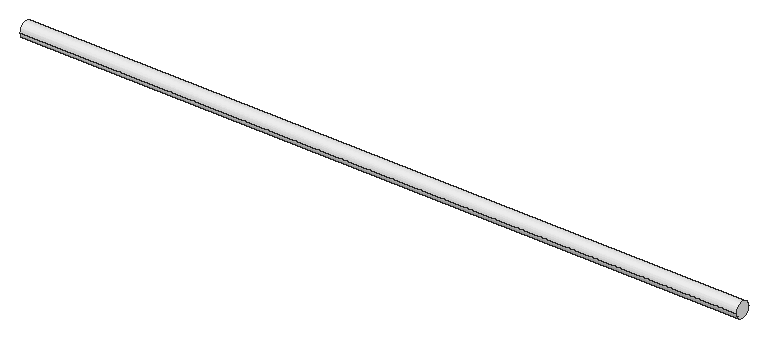
Revit family
Parameters (values of type "25mm")
  시작 확장 계산 [instance] = 3012.5 mm + 시작 확장  # 3000 mm
  시작 확장 [instance] = -12.5 mm
  Length [instance] = 1500 mm
  d = 25 mm
  끝 확장 계산 [instance] = 3012.5 mm + 끝 확장  # 3000 mm
  끝 확장 [instance] = -12.5 mm
  보 재료 [instance] = 금속 - 스틸 - 345 MPa
Reference planes
  plane 1 "중심(앞/뒤)": y = 0
  plane 2: z = 0
  plane 3 "중심(왼쪽/오른쪽)": x = 4.61
  plane 4 "왼쪽 부재": x = -604.99
  plane 5 "오른쪽 부재": x = 614.21
  plane 6: y = 12.5
  plane 7: y = -12.5
  plane 8 "상단": z = 12.5
  plane 9: z = -12.5
  plane 10 "왼쪽": x = -757.39
  plane 11 "오른쪽": x = 742.61
  plane 12: x = -604.99
  plane 13: x = 614.21
  plane 14: x = 2395.01
  plane 15: x = -2385.79
Forms (mm)
  Extrusion 1, solid, material "금속 - 스틸 - 345 MPa" <- "보 재료", detail levels medium+fine
    sketch origin (4.61, 0, 0) x (0, 1, 0) y (0, 0, 1)
      loop
        circle (0, 0) r 12.5
    from -609.6 to 609.6
Lines and regions (mm)
  symbolic lines, style "기호 부착", detail levels coarse
    curve 1: arc (0, 12.5, 0) -> (0, 0, -12.5) -> (0, -12.5, 0) r 12.5
    curve 2: arc (0, -12.5, 0) -> (0, 0, 12.5) -> (0, 12.5, 0) r 12.5
Dimensions and locks
  "d": plane 6 to plane 7
  "d": plane 9 to plane 8 "상단"
  equal spacing: plane 9, plane 2, plane 8 "상단"
  equal spacing: plane 6, plane 1 "중심(앞/뒤)", plane 7
  "Length": plane 10 "왼쪽" to plane 11 "오른쪽"
  locked: plane 4 "왼쪽 부재" to plane 14 at 3000
  locked: plane 15 to plane 5 "오른쪽 부재" at 3000
  "끝 확장 계산": plane 15 to plane 13
  "시작 확장 계산": plane 12 to plane 14
  aligned and locked: plane 12 to Extrusion 1
  aligned and locked: Extrusion 1 to plane 13
Automatic sketch dimensions
  Extrusion 1 sketch curve to level = 0 mm
  Extrusion 1 sketch curve to plane 7 = 0 mm
  Extrusion 1 sketch curve to plane 1 "중심(앞/뒤)" = 0 mm
  curve 1 to level = 0 mm
  curve 1 to plane 7 = 0 mm
  curve 1 to plane 1 "중심(앞/뒤)" = 0 mm
